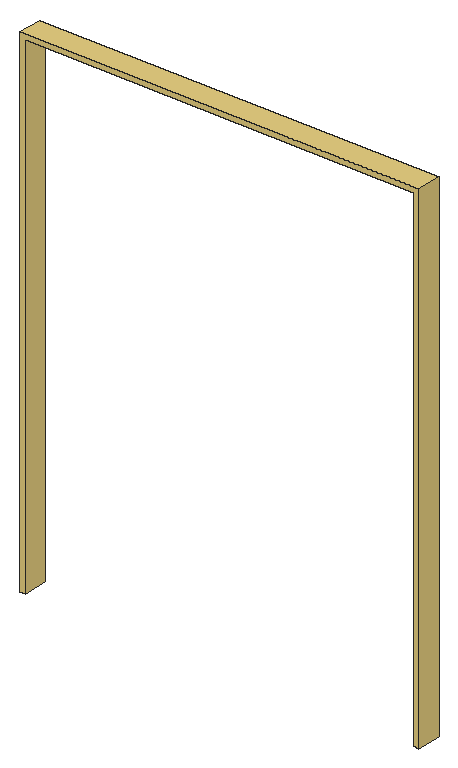
Revit family "DAL_A3-E1675", category Doors, host Wall, Revit 2016
Family settings
  Host = Wall
  Always vertical = Yes
  Cut with Voids When Loaded = No
  Shared = No
  Room Calculation Point = No
Parameters (values of type "Frame")
  Height = 2107 mm
  Wall Closure = By host
  Width = 1675 mm
  Function = Interior
  Frame Thickness = 102 mm
  Frame Material = Meranti Wood
  Frame Depth = 22.5 mm
Reference planes
  plane 1 "Wall Center": y = 0
  plane 2 "Center (Left/Right)": x = 0
  plane 3 "Left": x = -837.5
  plane 4 "Right": x = 837.5
  plane 5: z = 2107
  plane 6 "Exterior": y = 75
  plane 7 "Interior": y = -75
Forms (mm)
  Sweep 1, solid, material "Meranti Wood" <- "Frame Material", detail levels medium+fine
    path origin (0, 0, 0) x (1, 0, 0) y (0, 0, 1)
      loop
        line (837.5, 0) -> (837.5, 2107) -> (-837.5, 2107) -> (-837.5, 0)
    profile origin (0, 0, 2107) x (0, 0, -1) y (0, -1, 0)
      loop
        line (0, -51) -> (22.5, -51) -> (22.5, 51) -> (0, 51) -> (0, -51)
Lines and regions (mm)
  Opening 1
    outline origin (-3050, -75, 0) x (1, 0, 0) y (0, 0, 1)
      loop
        line (2212.5, 0) -> (3887.5, 0) -> (3887.5, 2107) -> (2212.5, 2107) -> (2212.5, 0)
Text (mm)
  text "Exterior" at (-2295.016, 1099.543, 0), in view "Ref. Level"
  text "Exterior" at (0, 1615.38, 3698.081), in view "Left"
  text "Exterior" at (0, 1036.032, 3874.932), in view "Right"
Dimensions and locks
  equal spacing: plane 3 "Left", plane 2 "Center (Left/Right)", plane 4 "Right"
  "Width": plane 3 "Left" to plane 4 "Right"
  "Height": plane 5 to host wall
  host wall to plane 5 = 2107 mm  (x2)
  locked: plane 6 "Exterior" to host wall at 0
  locked: plane 7 "Interior" to host wall
  "Frame Depth": Sweep 1 sketch curve to Sweep 1 sketch curve
  equal spacing: Sweep 1 sketch curve, profile plane, Sweep 1 sketch curve
  "Frame Thickness": Sweep 1 sketch curve to Sweep 1 sketch curve
  aligned and locked: plane 3 "Left" to Opening 1 sketch curve
  aligned and locked: plane 5 to Opening 1 sketch curve  (x2)
  aligned and locked: Opening 1 sketch curve to plane 4 "Right"
  aligned and locked: Opening 1 sketch curve to level
  aligned and locked: plane 1 "Wall Center" to host wall
  aligned and locked: plane 5 to Sweep 1 sketch curve
  aligned and locked: Sweep 1 sketch curve to plane 4 "Right"
  aligned and locked: Sweep 1 sketch curve to plane 3 "Left"
  aligned and locked: level to Sweep 1 sketch curve  (x2)
  aligned and locked: Sweep 1 sketch curve to profile plane
